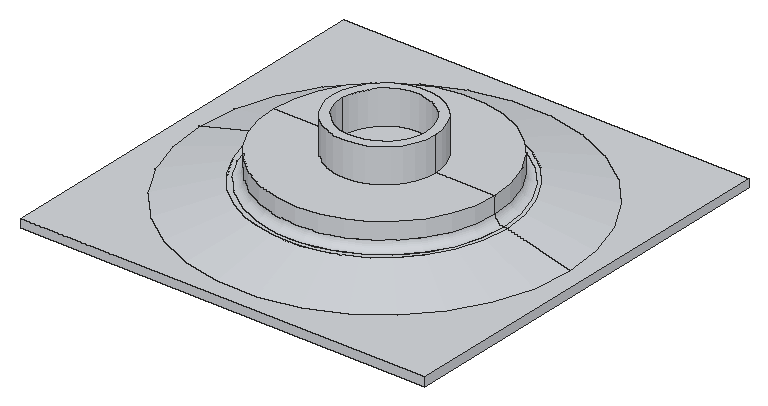
Revit family "CFR", category Air Terminals, Revit 2012
Parameters
  URL = "http://www.innes.com.mx"
  Minima velocidad de cuello = 200 FPM
  Minima presión estática = 0.003 in-wg
  Min Flow = 216 CFM
  Máxima velocidad de cuello = 1100 FPM
  Máxima presión total = 0.084 in-wg
  Máximo nivel de ruido (NC) = "31"
  Max Flow = 39 CFM
  Material = "Acero"
  Manufacturer = "INNES"
  M = A Cuello - 3 1/2"  # 2 1/2"
  D = B Plato - 2"  # 21 3/4"
  Cuello = "Redondo"
  C1 = C / 2  # 1.46774"
  C = 2.93548"
  B Plato = 23 3/4"
  A4 = A Cuello / 2  # 3"
  A2 = A1 + 1 1/2"  # 14 1/2"
  A1 = A Cuello + 7"  # 13"
  A Cuello = 6"
Reference planes (in)
  plane 1 "Center (Front/Back)": y = 0
  plane 2: z = 0
  plane 3 "Center (Left/Right)": x = 0
  plane 4: x = -11.875
  plane 5: x = 11.875
  plane 6: y = -11.875
  plane 7: y = 11.875
  plane 8: x = -10.875
  plane 9: x = -7.25
  plane 10: x = -6.5
  plane 11: x = 6.5
  plane 12: x = 7.25
  plane 13: x = 10.875
  plane 14: z = 2.93548
  plane 15: z = 1.46774
  plane 16 "REF1": z = -0.25
  plane 17: x = -10.875
  plane 18: y = 10.875
  plane 19: y = -10.875
  plane 20: x = 10.875
  plane 21 "REF_BOCA": z = 2.90625
  plane 22: y = 3
  plane 23: y = -3
  plane 24: x = 3
  plane 25: x = -3
Forms (in)
  Extrusion 1, solid
    sketch origin (0, 0, 0) x (1, 0, 0) y (0, 1, 0)
      loop
        line (-11.875, 11.875) -> (-11.875, -11.875) -> (11.875, -11.875) -> (11.875, 11.875) -> (-11.875, 11.875)
    from 0 to 0.5
  Revolve 2, solid
    sketch origin (0, 0, 0) x (1, 0, 0) y (0, 0, 1)
      loop
        line (-6.5, 2.93548) -> (-6.5, 1.96774)
        arc (-6.5, 1.96774) -> (-6.64645, 1.61419) -> (-7, 1.46774) r 0.5
        line (-7, 1.46774) -> (-7.25, 1.46774) -> (-10.875, 0.5) -> (0, 0.5) -> (0, 2.93548) -> (-6.5, 2.93548)
      axis (0, 2.93548) -> (0, 0.5)
    angle from 0 to 360
  Extrusion 3, solid
    sketch origin (0, 0, -0.25) x (-1, 0, 0) y (0, -1, 0)
      loop
        circle (0, 0) r 10.875
    from 0 to 0.0625
  Extrusion 4, solid
    sketch origin (0, 0, 2.90625) x (-1, 0, 0) y (0, -1, 0)
      loop
        circle (0, 0) r 3
      loop
        circle (0, 0) r 2.5
    from 0 to 2
Dimensions and locks (in)
  equal spacing: plane 4, plane 3 "Center (Left/Right)", plane 5
  "B Plato": plane 4 to plane 5
  equal spacing: plane 7, plane 1 "Center (Front/Back)", plane 6
  "B Plato": plane 7 to plane 6
  equal spacing: plane 11, plane 3 "Center (Left/Right)", plane 10
  equal spacing: plane 12, plane 3 "Center (Left/Right)", plane 9
  equal spacing: plane 13, plane 3 "Center (Left/Right)", plane 8
  "A1": plane 11 to plane 10
  "A2": plane 12 to plane 9
  "C": plane 14 to level
  "C1": plane 15 to level
  "D": plane 13 to plane 8
  equal spacing: plane 17, plane 3 "Center (Left/Right)", plane 20
  equal spacing: plane 18, plane 1 "Center (Front/Back)", plane 19
  "D": plane 17 to plane 20
  "D": plane 18 to plane 19
  equal spacing: plane 25, plane 3 "Center (Left/Right)", plane 24
  equal spacing: plane 22, plane 1 "Center (Front/Back)", plane 23
  "A Cuello": plane 25 to plane 24
  "A Cuello": plane 22 to plane 23
  "A4": radius of Extrusion 4 sketch curve
  "M": radius of Extrusion 4 sketch curve
  aligned and locked: plane 2 to level
Automatic sketch dimensions
  Extrusion 1 sketch curve to plane 4 = 0"
  Extrusion 1 sketch curve to plane 5 = 0"
  Extrusion 1 sketch curve to plane 6 = 0"
  Extrusion 1 sketch curve to plane 7 = 0"
  Revolve 2 sketch curve to plane 8 = 0"
  Revolve 2 sketch curve to plane 9 = 0"
  Revolve 2 sketch curve to plane 15 = 0"
  Revolve 2 sketch curve to plane 10 = 0"
  Revolve 2 sketch curve to plane 3 "Center (Left/Right)" = 0"  (x2)
  Revolve 2 sketch curve to level = 0"
  Revolve 2 sketch curve to plane 14 = 0"
  plane 9 to Revolve 2 sketch curve = 1/4"
  level to Revolve 2 sketch curve = 1/2"
  Revolve 2 sketch curve to Revolve 2 sketch curve = 2"
  plane 1 "Center (Front/Back)" to Extrusion 3 sketch curve = 0"
  Extrusion 3 sketch curve to plane 3 "Center (Left/Right)" = 0"
  Extrusion 4 sketch curve to Extrusion 4 sketch curve = 0"  (x2)
  plane 1 "Center (Front/Back)" to Extrusion 4 sketch curve = 0"
  Extrusion 4 sketch curve to plane 3 "Center (Left/Right)" = 0"
  radius of Extrusion 3 sketch curve = 10 7/8"
Connectors (in)
  piping at (0, 0, 4.90625), driven by "A4"
    settings: on Extrusion 4, index 1, connector radius 3", flow factor 0, pipe flow 0 GPM, pressure drop 0.00 psi, fitting loss kfactor 0, connector angle 0.00°, fixture units 0, engagement length 0", flow configuration 0, flow direction 0, fitting loss method 0, system type 19, joint type 0, gender type 0, connector reference index -1, connector utility 0, adjustable connector no, is connector primary yes, fitting loss table "", connector description ""
